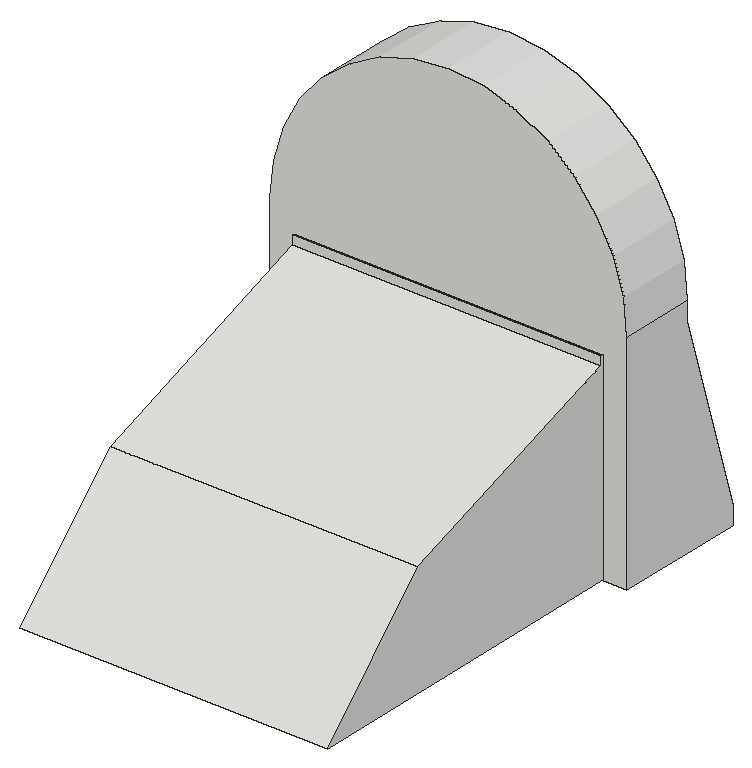
Revit family "Basin-Ligature_Resistant-Whitehall-BestCare-WH3740_Series", category Plumbing Fixtures, host Face, Revit 2019
Family settings
  Host = Face
  Round Connector Dimension = Use Diameter
  Part Type = Normal
  OmniClass Number = 23.45.05.14.14
  OmniClass Title = Sinks/Lavatories
  Cut with Voids When Loaded = No
  Shared = Yes
  Room Calculation Point = No
Parameters (values of type "WH3740")
  Width = 21 1/2"  # constant formula
  Waste Connection Diameter = 1 1/2"
  Waste Connection = yes
  WHST70-12 1/2” NPT ASSE 1070 Compliant Hot & Cold, Temperature / Pressure Balancing Mixing Valve = no
  WFU = 2  # constant formula
  Vent Connection = no
  URL = "http://www.whitehallmfg.com/"
  Type Comments = "Ligature Resistant Stainless Steel Washbasin (Punched for 4” Centerset Faucet, Specified Separately)"
  Right Faucet Hole Distance = 2"
  Product Page URL = "https://www.whitehallmfg.com/ligature-resistant-stainless-steel-basin-wh3740"
  Product Documentation Link = "https://www.whitehallmfg.com/uploads/fileLibrary/WH3740.pdf"
  Model = "WH3740"
  Material = "Stainless Steel-Whitehall-Powder Coated White"
  Manufacturer = "Whitehall Mfg"
  MC Mounting Carrier = no
  Length = 19"  # constant formula
  Left Faucet Hole Distance = 2"
  Installation Type = "Wall Mounted"  # constant formula
  Height = 25 1/4"  # constant formula
  HWFU = 1.5  # constant formula
  HW Connection = yes
  Finish = Stainless Steel-Whitehall-Powder Coated White
  Description = "BestCare® Ligature-Resistant Stainless Steel Basin"
  Default Elevation = 34"
  Creation Date = "07/02/2024"  # constant formula
  Connection Size = 1/2"
  Compliance Certifications = "UPC®, Federal Public Law 111-380 - No Lead"
  CWFU = 1.5  # constant formula
  CW Connection = yes
  Assembly Code = ""
  ADA Compliant = yes
Types (5): name | Type Comments | Right Faucet Hole Distance | Model | Material | Left Faucet Hole Distance | Finish
  (no name) | "Ligature Resistant Stainless Steel Washbasin (Punched for 4” Centerset Faucet, Specified Separately)" | 2" | "WH3740" | "Stainless Steel-Whitehall-Powder Coated White" | 2" | Stainless Steel-Whitehall-Powder Coated White
  WH3740 | "Ligature Resistant Stainless Steel Washbasin (Punched for 4” Centerset Faucet, Specified Separately)" | 2" | "WH3740" | "Stainless Steel-Whitehall-Powder Coated White" | 2" | Stainless Steel-Whitehall-Powder Coated White
  WH3740-H38 | "Ligature Resistant Stainless Steel Washbasin (Punched for 8” Centerset Faucet, Specified Separately)" | 4" | "WH3740-H38" | "Stainless Steel-Whitehall-Powder Coated White" | 4" | Stainless Steel-Whitehall-Powder Coated White
  WH3740-SS | "LR Washbasin-#4 Stainless Steel Finish (Punched for 4” Centerset Faucet, Spec. Separately)" | 2" | "WH3740-SS" | "Stainless Steel-Whitehall-Satin" | 2" | Stainless Steel-Whitehall-Satin
  WH3740-H38-SS | "LR Washbasin-#4 Stainless Steel Finish (Punched for 8” Centerset Faucet, Spec. Separately)" | 4" | "WH3740-H38-SS" | "Stainless Steel-Whitehall-Satin" | 4" | Stainless Steel-Whitehall-Satin
Reference planes (in)
  plane 1 "Center (Front/Back)": y = 0
  plane 2: z = 0
  plane 3 "Center (Left/Right)": x = 0
  plane 4: x = 9.5
  plane 5: x = -9.5
  plane 6: z = 21.5
  plane 7: y = 3
  plane 8: z = 6
  plane 9: y = -22.25
  plane 10: y = -34
  plane 11: y = -11
  plane 12: y = -19
  plane 13: y = -15
  plane 14: x = -4.5
  plane 15: x = 2
  plane 16: x = 6
  plane 17: x = -8.1875
  plane 18: x = 8.1875
  plane 19: x = -2
  plane 20: x = -6
  plane 21: x = 4.5
  plane 22: y = -22.125
  plane 23: y = -15
  plane 24: z = 3.5
  plane 25: x = 2
  plane 26: x = -2
  plane 27: y = 4
Forms (in)
  Extrusion 1, solid, material "Stainless Steel-Whitehall-Powder Coated White" <- "Finish"
    sketch origin (0, 0, 0) x (1, 0, 0) y (0, 0, 1)
      loop
        line (9.5, 0) -> (9.5, 12)
        arc (9.5, 12) -> (0, 21.5) -> (-9.5, 12) r 9.5
        line (-9.5, 12) -> (-9.5, 0) -> (9.5, 0)
    from 0 to 4
  Extrusion 2, solid, material "Stainless Steel-Whitehall-Powder Coated White" <- "Finish"
    sketch origin (0, 0, 0) x (1, 0, 0) y (0, 0, 1)
      loop
        line (-9.25, 1) -> (-9.25, 11) -> (-9.5, 11) -> (-9.5, 0) -> (9.5, 0) -> (9.5, 11) -> (9.25, 11) -> (9.25, 1) -> (-9.25, 1)
    from -3 to 0
  Extrusion 3, void
    sketch origin (0, 0, 0) x (0, 1, 0) y (0, 0, 1)
      loop
        line (3, 1) -> (3, 11) -> (0, 11) -> (3, 1)
    from 9.25 to 9.5
  Extrusion 4, void
    sketch origin (0, 0, 0) x (0, 1, 0) y (0, 0, -1)
      loop
        line (3, -1) -> (0, -11) -> (3, -11) -> (3, -1)
    from 9.25 to 9.5
  Blend 5, void
    base sketch origin (0, 0, 0) x (1, 0, 0) y (0, 0, 1)
      loop
        arc (7.5, 12) -> (0, 19.5) -> (-7.5, 12) r 7.5
        arc (-7.5, 12) -> (-7.11932, 8.90767) -> (-6, 6) r 12.75
        line (-6, 6) -> (6, 6)
        arc (6, 6) -> (7.11932, 8.90767) -> (7.5, 12) r 12.75
    top sketch origin (0, 0, 0) x (1, 0, 0) y (0, 0, 1)
      loop
        line (-5.38373, 6.77836) -> (5.38373, 6.77836)
        arc (5.38373, 6.77836) -> (6.95083, 9.18291) -> (7.5, 12) r 7.5
        arc (7.5, 12) -> (0, 19.5) -> (-7.5, 12) r 7.5
        arc (-7.5, 12) -> (-6.95083, 9.18291) -> (-5.38373, 6.77836) r 7.5
    from 0 to 3
  Extrusion 6, void
    sketch origin (0, 0, 0) x (1, 0, 0) y (0, 0, 1)
      loop
        circle (0, 7.62939) r 0.75
    from 3 to 3.61447
  Extrusion 7, solid, material "Stainless Steel-Whitehall-Powder Coated White" <- "Finish"
    sketch origin (0, 0, 0) x (0, 1, 0) y (0, 0, 1)
      loop
        line (-4, 0) -> (-4, 10.75) -> (-4.125, 10.75) -> (-4.125, 10.29381) -> (-16.25, 6) -> (-22.25, 0) -> (-4, 0)
    from -8.1875 to 8.1875
  Extrusion 8, solid
    sketch origin (0, 0, 0) x (1, 0, 0) y (0, 1, 0)
      loop
        circle (0, -11) r 0.75
      loop
        circle (4.5, -15) r 0.5
      loop
        circle (-2, -19) r 0.25
      loop
        circle (-6, -19) r 0.25
    from -0.03391 to 0
  Extrusion 9, void
    sketch origin (0, 0, 0) x (1, 0, 0) y (0, 0, 1)
      loop
        circle (2, 3.5) r 0.25
      loop
        circle (-2, 3.5) r 0.25
    from -4 to 3
Cuts and joins
  Extrusion 3, Extrusion 4, Blend 5, Extrusion 6, Extrusion 9 cuts Extrusion 1
  Extrusion 3, Extrusion 4, Blend 5, Extrusion 6, Extrusion 9 cuts Extrusion 2
  joined: Extrusion 1, Extrusion 2
Dimensions and locks (in)
  "Default Elevation": plane 1 "Center (Front/Back)" to plane 10
  plane 5 to plane 4 = 19"
  plane 6 to host face = 21 1/2"
  plane 7 to plane 1 "Center (Front/Back)" = 3"
  "Default Elevation": plane 10 to plane 1 "Center (Front/Back)"
  plane 11 to plane 10 = 23"
  plane 13 to plane 10 = 19"
  plane 12 to plane 10 = 15"
  "Length": plane 5 to plane 4
  plane 1 "Center (Front/Back)" to plane 7 = 3"
  "Height": plane 9 to plane 7
  plane 7 to plane 1 "Center (Front/Back)" to cut or joined group of Extrusion 1, Extrusion 2, Extrusion 3, Extrusion 4, Blend 5, Extrusion 6, Extrusion 9 = 3", 4"
  plane 17 to plane 18 = 16 3/8"
  plane 7 to plane 9 = 25 1/4"
  "Width": plane 6 to host face
  plane 19 to plane 3 "Center (Left/Right)" = 2"
  plane 20 to plane 19 = 4"
  plane 3 "Center (Left/Right)" to plane 21 = 4 1/2"
  plane 10 to plane 22 = 11 7/8"
  plane 23 to plane 22 = 7 1/8"
  equal spacing: cut or joined group of Extrusion 1, Extrusion 2, Extrusion 3, Extrusion 4, Blend 5, Extrusion 6, Extrusion 9, plane 24, plane 8
  "Right Faucet Hole Distance": plane 3 "Center (Left/Right)" to plane 25
  "Left Faucet Hole Distance": plane 3 "Center (Left/Right)" to plane 26
  "Connection Size": diameter of Extrusion 9 sketch curve  (x2)
  aligned and locked: plane 2 to host face
  aligned and locked: level to host face
  aligned and locked: plane 20 to Extrusion 8 sketch curve
  aligned and locked: plane 19 to Extrusion 8 sketch curve
  aligned and locked: plane 12 to Extrusion 8 sketch curve  (x2)
  aligned and locked: plane 21 to Extrusion 8 sketch curve
  aligned and locked: plane 13 to Extrusion 8 sketch curve
  aligned and locked: plane 24 to Extrusion 9 sketch curve  (x2)
  aligned and locked: plane 25 to Extrusion 9 sketch curve
  aligned and locked: plane 26 to Extrusion 9 sketch curve
  aligned and locked: plane 27 to Extrusion 9
Automatic sketch dimensions
  host sketch curve to host sketch curve = 96"  (x2)
  Extrusion 1 sketch curve to level = 0"
  plane 5 to Extrusion 1 sketch curve = 0"
  Extrusion 1 sketch curve to plane 3 "Center (Left/Right)" = 0"
  plane 8 to Extrusion 1 sketch curve = 6"
  plane 5 to Extrusion 2 sketch curve = 0"
  Extrusion 2 sketch curve to plane 4 = 0"
  Extrusion 2 sketch curve to level = 0"
  Extrusion 2 sketch curve to plane 5 = 1/4"
  Extrusion 2 sketch curve to Extrusion 2 sketch curve = 1/4"
  level to Extrusion 2 sketch curve = 1"
  plane 8 to Extrusion 2 sketch curve = 5"  (x2)
  Extrusion 3 sketch curve to plane 1 "Center (Front/Back)" = 0"
  Extrusion 3 sketch curve to plane 7 = 0"
  level to Extrusion 3 sketch curve = 1"
  plane 8 to Extrusion 3 sketch curve = 5"
  Extrusion 4 sketch curve to plane 1 "Center (Front/Back)" = 0"
  Extrusion 4 sketch curve to plane 7 = 0"
  plane 8 to Extrusion 4 sketch curve = 5"
  level to Extrusion 4 sketch curve = 1"
  Blend 5 sketch curve to plane 8 = 0"
  Blend 5 sketch curve to plane 3 "Center (Left/Right)" = 0"  (x2)
  Blend 5 sketch curve to Blend 5 sketch curve = 0"  (x6)
  Blend 5 sketch curve to Blend 5 sketch curve = 2 1/4"
  plane 8 to Blend 5 sketch curve = 0.77836"
  Extrusion 6 sketch curve to plane 3 "Center (Left/Right)" = 0"
  plane 8 to Extrusion 6 sketch curve = 1.62939"
  Extrusion 7 sketch curve to level = 0"
  Extrusion 7 sketch curve to plane 9 = 0"
  Extrusion 7 sketch curve to plane 8 = 0"
  Extrusion 7 sketch curve to plane 9 = 6"
  plane 1 "Center (Front/Back)" to Extrusion 7 sketch curve = 4 1/8"
  Extrusion 7 sketch curve to Extrusion 7 sketch curve = 1/8"
  plane 8 to Extrusion 7 sketch curve = 4.29381"
  Extrusion 7 sketch curve to Extrusion 7 sketch curve = 0.45619"
  Extrusion 8 sketch curve to plane 3 "Center (Left/Right)" = 0"
  Extrusion 8 sketch curve to plane 11 = 0"
  plane 14 to Blend 5 sketch curve = 3/4"
  plane 14 to Blend 5 sketch curve = 1 1/2"
  Blend 5 sketch curve to plane 17 = 11/16"  (x2)
  plane 14 to Blend 5 sketch curve = 0.88373"
  Blend 5 sketch curve to plane 16 = 0"
  radius of Extrusion 6 sketch curve = 3/4"
  radius of Extrusion 8 sketch curve = 3/4"
  radius of Extrusion 8 sketch curve = 1/2"
  radius of Extrusion 8 sketch curve = 1/4"  (x2)
Connectors (in)
  piping at (0, -11, -0.03391), diameter 1.5, driven by "WFU", driven by "Waste Connection Diameter"
    settings: on Extrusion 8, index 1, connector inside diameter 1 1/2", connector length 0", flow factor 0, pipe flow 0 GPM, pressure drop 0.00 psi, fitting loss kfactor 0, connector angle 0.00°, fixture units 2, engagement length 0", angle of deflection 0.00°, flow configuration 3, flow direction 2, fitting loss method 0, system type 16, joint type 0, gender type 0, connector reference index -1, connector utility 0, adjustable connector yes, is connector primary yes, connector description "1 1/2\" Tube Lavy Waste Outlet Connection"
  piping at (-6, -19, -0.03391), diameter 0.5, driven by "Connection Size", driven by "HWFU"
    settings: on Extrusion 8, index 2, connector inside diameter 1/2", connector length 0", flow factor 0, pipe flow 0 GPM, pressure drop 0.00 psi, fitting loss kfactor 0, connector angle 0.00°, fixture units 1.5, engagement length 0", angle of deflection 0.00°, flow configuration 3, flow direction 1, fitting loss method 0, system type 19, joint type 0, gender type 0, connector reference index -1, connector utility 0, adjustable connector no, is connector primary no, connector description "1/2\" NPS HW Inlet Connection"
  piping at (-2, -19, -0.03391), diameter 0.5, driven by "Connection Size"
    settings: on Extrusion 8, index 3, connector inside diameter 1/2", connector length 0", flow factor 0, pipe flow 0 GPM, pressure drop 0.00 psi, fitting loss kfactor 0, connector angle 0.00°, fixture units 0, engagement length 0", angle of deflection 0.00°, flow configuration 3, flow direction 1, fitting loss method 0, system type 20, joint type 0, gender type 0, connector reference index -1, connector utility 0, adjustable connector no, is connector primary no, connector description "1/2\" NPS CW Inlet Connection"
  electrical at (4.5, -15, 0)
    settings: on Extrusion 8, index 4, voltage 0 V, apparent load 0 VA, apparent load phase1 0 VA, apparent load phase2 0 VA, apparent load phase3 0 VA, power factor 1, load classification "Other", number of poles 1, system type 30, power factor state 1, is connector primary yes, connector utility no, sub classification motor no, connector description "120VAC, 60Hz, 3A (Max) GFCI Protected"
